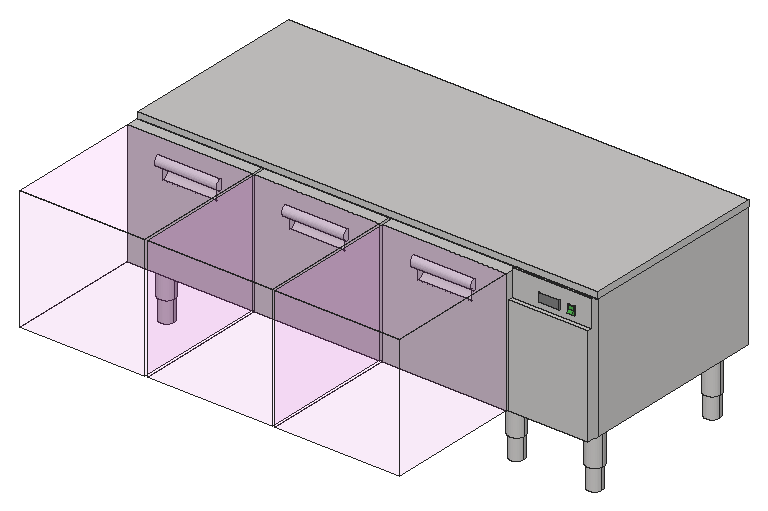
Revit family "QF_ZANUSSI_372292_Z7TTAECOMKN", category Specialty Equipment, Revit 2021 (continued)
Automatic sketch dimensions
  Split face 28 sketch curve to Split face 28 sketch curve = 31.959 mm
  Split face 28 sketch curve to Extrusion 4 = 82.208 mm
  Split face 28 sketch curve to Split face 28 sketch curve = 4 mm
  Split face 29 sketch curve to Extrusion 4 = 39 mm
  Split face 29 sketch curve to Split face 29 sketch curve = 0.02 mm  (x2)
  Split face 29 sketch curve to Split face 29 sketch curve = 31.959 mm
  Split face 29 sketch curve to Extrusion 4 = 94.208 mm
  Split face 29 sketch curve to Split face 29 sketch curve = 4 mm
  Split face 30 sketch curve to Extrusion 4 = 94 mm
  Split face 30 sketch curve to Split face 30 sketch curve = 0.02 mm  (x2)
  Split face 30 sketch curve to Split face 30 sketch curve = 31.959 mm
  Split face 30 sketch curve to Extrusion 4 = 118.896 mm
  Split face 30 sketch curve to Split face 30 sketch curve = 4 mm
  Split face 31 sketch curve to Extrusion 4 = 94 mm
  Split face 31 sketch curve to Split face 31 sketch curve = 0.02 mm  (x2)
  Split face 31 sketch curve to Split face 31 sketch curve = 31.959 mm
  Split face 31 sketch curve to Extrusion 4 = 106.896 mm
  Split face 31 sketch curve to Split face 31 sketch curve = 4 mm
  Split face 32 sketch curve to Extrusion 4 = 94 mm
  Split face 32 sketch curve to Split face 32 sketch curve = 0.02 mm  (x2)
  Split face 32 sketch curve to Split face 32 sketch curve = 31.959 mm
  Split face 32 sketch curve to Extrusion 4 = 94.897 mm
  Split face 32 sketch curve to Split face 32 sketch curve = 4 mm
  Split face 33 sketch curve to Extrusion 4 = 94 mm
  Split face 33 sketch curve to Split face 33 sketch curve = 0.02 mm  (x2)
  Split face 33 sketch curve to Split face 33 sketch curve = 31.959 mm
  Split face 33 sketch curve to Extrusion 4 = 82.999 mm
  Split face 33 sketch curve to Split face 33 sketch curve = 4 mm
  Split face 34 sketch curve to Extrusion 4 = 94 mm
  Split face 34 sketch curve to Split face 34 sketch curve = 0.02 mm  (x2)
  Split face 34 sketch curve to Split face 34 sketch curve = 31.959 mm
  Split face 34 sketch curve to Extrusion 4 = 71 mm
  Split face 34 sketch curve to Split face 34 sketch curve = 4 mm
  Split face 35 sketch curve to Extrusion 4 = 94 mm
  Split face 35 sketch curve to Split face 35 sketch curve = 0.02 mm  (x2)
  Split face 35 sketch curve to Split face 35 sketch curve = 31.959 mm
  Split face 35 sketch curve to Extrusion 4 = 59 mm
  Split face 35 sketch curve to Split face 35 sketch curve = 4 mm
  Split face 36 sketch curve to Extrusion 4 = 94 mm
  Split face 36 sketch curve to Split face 36 sketch curve = 0.02 mm  (x2)
  Split face 36 sketch curve to Split face 36 sketch curve = 31.959 mm
  Split face 36 sketch curve to Extrusion 4 = 47 mm
  Split face 36 sketch curve to Split face 36 sketch curve = 4 mm
  Split face 37 sketch curve to Extrusion 4 = 31 mm
  Split face 37 sketch curve to Extrusion 4 = 94 mm
  Split face 37 sketch curve to Split face 37 sketch curve = 0.02 mm  (x2)
  Split face 37 sketch curve to Split face 37 sketch curve = 31.959 mm
  Split face 37 sketch curve to Split face 37 sketch curve = 4 mm
  Split face 38 sketch curve to Extrusion 4 = 19 mm
  Split face 38 sketch curve to Extrusion 4 = 94 mm
  Split face 38 sketch curve to Split face 38 sketch curve = 0.02 mm  (x2)
  Split face 38 sketch curve to Split face 38 sketch curve = 31.959 mm
  Split face 38 sketch curve to Split face 38 sketch curve = 4 mm
  Split face 39 sketch curve to Extrusion 4 = 94 mm
  Split face 39 sketch curve to Split face 39 sketch curve = 0.02 mm  (x2)
  Split face 39 sketch curve to Split face 39 sketch curve = 31.959 mm
  Split face 39 sketch curve to Extrusion 4 = 130.896 mm
  Split face 39 sketch curve to Split face 39 sketch curve = 4 mm
  Split face 40 sketch curve to Extrusion 4 = 94 mm
  Split face 40 sketch curve to Split face 40 sketch curve = 0.02 mm  (x2)
  Split face 40 sketch curve to Split face 40 sketch curve = 31.959 mm
  Split face 40 sketch curve to Extrusion 4 = 118.208 mm
  Split face 40 sketch curve to Split face 40 sketch curve = 4 mm
  Split face 41 sketch curve to Extrusion 4 = 94 mm
  Split face 41 sketch curve to Split face 41 sketch curve = 0.02 mm  (x2)
  Split face 41 sketch curve to Split face 41 sketch curve = 31.959 mm
  Split face 41 sketch curve to Extrusion 4 = 130.208 mm
  Split face 41 sketch curve to Split face 41 sketch curve = 4 mm
  Split face 42 sketch curve to Extrusion 4 = 94 mm
  Split face 42 sketch curve to Split face 42 sketch curve = 0.02 mm  (x2)
  Split face 42 sketch curve to Split face 42 sketch curve = 31.959 mm
  Split face 42 sketch curve to Extrusion 4 = 142.208 mm
  Split face 42 sketch curve to Split face 42 sketch curve = 4 mm
  Split face 43 sketch curve to Extrusion 4 = 94 mm
  Split face 43 sketch curve to Split face 43 sketch curve = 0.02 mm  (x2)
  Split face 43 sketch curve to Split face 43 sketch curve = 31.959 mm
  Split face 43 sketch curve to Extrusion 4 = 154.896 mm
  Split face 43 sketch curve to Split face 43 sketch curve = 4 mm
  Split face 44 sketch curve to Extrusion 4 = 94 mm
  Split face 44 sketch curve to Split face 44 sketch curve = 0.02 mm  (x2)
  Split face 44 sketch curve to Split face 44 sketch curve = 31.959 mm
  Split face 44 sketch curve to Extrusion 4 = 142.896 mm
  Split face 44 sketch curve to Split face 44 sketch curve = 4 mm
  Split face 45 sketch curve to Extrusion 4 = 94 mm
  Split face 45 sketch curve to Split face 45 sketch curve = 0.02 mm  (x2)
  Split face 45 sketch curve to Split face 45 sketch curve = 31.959 mm
  Split face 45 sketch curve to Extrusion 4 = 106.208 mm
  Split face 45 sketch curve to Split face 45 sketch curve = 4 mm
  Split face 46 sketch curve to Extrusion 4 = 14.312 mm
  Split face 46 sketch curve to Extrusion 4 = 94 mm
  Split face 46 sketch curve to Split face 46 sketch curve = 0.02 mm  (x2)
  Split face 46 sketch curve to Extrusion 4 = 10.312 mm
  Split face 46 sketch curve to Split face 46 sketch curve = 31.959 mm
  Split face 47 sketch curve to Extrusion 4 = 26.312 mm
  Split face 47 sketch curve to Extrusion 4 = 94 mm
  Split face 47 sketch curve to Split face 47 sketch curve = 0.02 mm  (x2)
  Split face 47 sketch curve to Split face 47 sketch curve = 31.959 mm
  Split face 47 sketch curve to Split face 47 sketch curve = 4 mm
  Split face 48 sketch curve to Extrusion 4 = 38.311 mm
  Split face 48 sketch curve to Extrusion 4 = 94 mm
  Split face 48 sketch curve to Split face 48 sketch curve = 0.02 mm  (x2)
  Split face 48 sketch curve to Split face 48 sketch curve = 31.959 mm
  Split face 48 sketch curve to Split face 48 sketch curve = 4 mm
  Split face 49 sketch curve to Extrusion 4 = 94 mm
  Split face 49 sketch curve to Split face 49 sketch curve = 0.02 mm  (x2)
  Split face 49 sketch curve to Split face 49 sketch curve = 31.959 mm
  Split face 49 sketch curve to Extrusion 4 = 46.209 mm
  Split face 49 sketch curve to Split face 49 sketch curve = 4 mm
  Split face 50 sketch curve to Extrusion 4 = 94 mm
  Split face 50 sketch curve to Split face 50 sketch curve = 0.02 mm  (x2)
  Split face 50 sketch curve to Split face 50 sketch curve = 31.959 mm
  Split face 50 sketch curve to Extrusion 4 = 58.208 mm
  Split face 50 sketch curve to Split face 50 sketch curve = 4 mm
  Split face 51 sketch curve to Extrusion 4 = 94 mm
  Split face 51 sketch curve to Split face 51 sketch curve = 0.02 mm  (x2)
  Split face 51 sketch curve to Split face 51 sketch curve = 31.959 mm
  Split face 51 sketch curve to Extrusion 4 = 70.208 mm
  Split face 51 sketch curve to Split face 51 sketch curve = 4 mm
  Split face 52 sketch curve to Extrusion 4 = 94 mm
  Split face 52 sketch curve to Split face 52 sketch curve = 0.02 mm  (x2)
  Split face 52 sketch curve to Split face 52 sketch curve = 31.959 mm
  Split face 52 sketch curve to Extrusion 4 = 82.208 mm
  Split face 52 sketch curve to Split face 52 sketch curve = 4 mm
  Split face 53 sketch curve to Extrusion 4 = 94 mm
  Split face 53 sketch curve to Split face 53 sketch curve = 0.02 mm  (x2)
  Split face 53 sketch curve to Split face 53 sketch curve = 31.959 mm
  Split face 53 sketch curve to Extrusion 4 = 94.208 mm
  Split face 53 sketch curve to Split face 53 sketch curve = 4 mm
  Split face 54 sketch curve to Extrusion 4 = 149 mm
  Split face 54 sketch curve to Split face 54 sketch curve = 0.02 mm  (x2)
  Split face 54 sketch curve to Split face 54 sketch curve = 31.959 mm
  Split face 54 sketch curve to Extrusion 4 = 118.896 mm
  Split face 54 sketch curve to Split face 54 sketch curve = 4 mm
  Split face 55 sketch curve to Extrusion 4 = 149 mm
  Split face 55 sketch curve to Split face 55 sketch curve = 0.02 mm  (x2)
  Split face 55 sketch curve to Split face 55 sketch curve = 31.959 mm
  Split face 55 sketch curve to Extrusion 4 = 106.896 mm
  Split face 55 sketch curve to Split face 55 sketch curve = 4 mm
  Split face 56 sketch curve to Extrusion 4 = 149 mm
  Split face 56 sketch curve to Split face 56 sketch curve = 0.02 mm  (x2)
  Split face 56 sketch curve to Split face 56 sketch curve = 31.959 mm
  Split face 56 sketch curve to Extrusion 4 = 94.897 mm
  Split face 56 sketch curve to Split face 56 sketch curve = 4 mm
  Split face 57 sketch curve to Extrusion 4 = 149 mm
  Split face 57 sketch curve to Split face 57 sketch curve = 0.02 mm  (x2)
  Split face 57 sketch curve to Split face 57 sketch curve = 31.959 mm
  Split face 57 sketch curve to Extrusion 4 = 82.999 mm
  Split face 57 sketch curve to Split face 57 sketch curve = 4 mm
  Split face 58 sketch curve to Extrusion 4 = 67 mm
  Split face 58 sketch curve to Extrusion 4 = 149 mm
  Split face 58 sketch curve to Split face 58 sketch curve = 0.02 mm  (x2)
  Split face 58 sketch curve to Split face 58 sketch curve = 31.959 mm
  Split face 58 sketch curve to Split face 58 sketch curve = 4 mm
  Split face 59 sketch curve to Extrusion 4 = 55 mm
  Split face 59 sketch curve to Extrusion 4 = 149 mm
  Split face 59 sketch curve to Split face 59 sketch curve = 0.02 mm  (x2)
  Split face 59 sketch curve to Split face 59 sketch curve = 31.959 mm
  Split face 59 sketch curve to Split face 59 sketch curve = 4 mm
  Split face 60 sketch curve to Extrusion 4 = 43 mm
  Split face 60 sketch curve to Extrusion 4 = 149 mm
  Split face 60 sketch curve to Split face 60 sketch curve = 0.02 mm  (x2)
  Split face 60 sketch curve to Split face 60 sketch curve = 31.959 mm
  Split face 60 sketch curve to Split face 60 sketch curve = 4 mm
  Split face 61 sketch curve to Extrusion 4 = 31 mm
  Split face 61 sketch curve to Extrusion 4 = 149 mm
  Split face 61 sketch curve to Split face 61 sketch curve = 0.02 mm  (x2)
  Split face 61 sketch curve to Split face 61 sketch curve = 31.959 mm
  Split face 61 sketch curve to Split face 61 sketch curve = 4 mm
  Split face 62 sketch curve to Extrusion 4 = 19 mm
  Split face 62 sketch curve to Extrusion 4 = 149 mm
  Split face 62 sketch curve to Split face 62 sketch curve = 0.02 mm  (x2)
  Split face 62 sketch curve to Split face 62 sketch curve = 31.959 mm
  Split face 62 sketch curve to Split face 62 sketch curve = 4 mm
  Split face 63 sketch curve to Extrusion 4 = 149 mm
  Split face 63 sketch curve to Split face 63 sketch curve = 0.02 mm  (x2)
  Split face 63 sketch curve to Split face 63 sketch curve = 31.959 mm
  Split face 63 sketch curve to Extrusion 4 = 130.896 mm
  Split face 63 sketch curve to Split face 63 sketch curve = 4 mm
  Split face 64 sketch curve to Extrusion 4 = 149 mm
  Split face 64 sketch curve to Split face 64 sketch curve = 0.02 mm  (x2)
  Split face 64 sketch curve to Split face 64 sketch curve = 31.959 mm
  Split face 64 sketch curve to Extrusion 4 = 118.208 mm
  Split face 64 sketch curve to Split face 64 sketch curve = 4 mm
  Split face 65 sketch curve to Extrusion 4 = 149 mm
  Split face 65 sketch curve to Split face 65 sketch curve = 0.02 mm  (x2)
  Split face 65 sketch curve to Split face 65 sketch curve = 31.959 mm
  Split face 65 sketch curve to Extrusion 4 = 130.208 mm
  Split face 65 sketch curve to Split face 65 sketch curve = 4 mm
  Split face 66 sketch curve to Extrusion 4 = 149 mm
  Split face 66 sketch curve to Split face 66 sketch curve = 0.02 mm  (x2)
  Split face 66 sketch curve to Split face 66 sketch curve = 31.959 mm
  Split face 66 sketch curve to Extrusion 4 = 142.208 mm
  Split face 66 sketch curve to Split face 66 sketch curve = 4 mm
  Split face 67 sketch curve to Extrusion 4 = 149 mm
  Split face 67 sketch curve to Split face 67 sketch curve = 0.02 mm  (x2)
  Split face 67 sketch curve to Split face 67 sketch curve = 31.959 mm
  Split face 67 sketch curve to Extrusion 4 = 154.896 mm
  Split face 67 sketch curve to Split face 67 sketch curve = 4 mm
  Split face 68 sketch curve to Extrusion 4 = 149 mm
  Split face 68 sketch curve to Split face 68 sketch curve = 0.02 mm  (x2)
  Split face 68 sketch curve to Split face 68 sketch curve = 31.959 mm
  Split face 68 sketch curve to Extrusion 4 = 142.896 mm
  Split face 68 sketch curve to Split face 68 sketch curve = 4 mm
  Split face 69 sketch curve to Extrusion 4 = 149 mm
  Split face 69 sketch curve to Split face 69 sketch curve = 0.02 mm  (x2)
  Split face 69 sketch curve to Split face 69 sketch curve = 31.959 mm
  Split face 69 sketch curve to Extrusion 4 = 106.208 mm
  Split face 69 sketch curve to Split face 69 sketch curve = 4 mm
  Split face 70 sketch curve to Extrusion 4 = 14.312 mm
  Split face 70 sketch curve to Extrusion 4 = 149 mm
  Split face 70 sketch curve to Split face 70 sketch curve = 0.02 mm  (x2)
  Split face 70 sketch curve to Extrusion 4 = 10.312 mm
  Split face 70 sketch curve to Split face 70 sketch curve = 31.959 mm
  Split face 71 sketch curve to Extrusion 4 = 26.312 mm
  Split face 71 sketch curve to Extrusion 4 = 149 mm
  Split face 71 sketch curve to Split face 71 sketch curve = 0.02 mm  (x2)
  Split face 71 sketch curve to Split face 71 sketch curve = 31.959 mm
  Split face 71 sketch curve to Split face 71 sketch curve = 4 mm
  Split face 72 sketch curve to Extrusion 4 = 38.311 mm
  Split face 72 sketch curve to Extrusion 4 = 149 mm
  Split face 72 sketch curve to Split face 72 sketch curve = 0.02 mm  (x2)
  Split face 72 sketch curve to Split face 72 sketch curve = 31.959 mm
  Split face 72 sketch curve to Split face 72 sketch curve = 4 mm
  Split face 73 sketch curve to Extrusion 4 = 50.209 mm
  Split face 73 sketch curve to Extrusion 4 = 149 mm
  Split face 73 sketch curve to Split face 73 sketch curve = 0.02 mm  (x2)
  Split face 73 sketch curve to Split face 73 sketch curve = 31.959 mm
  Split face 73 sketch curve to Split face 73 sketch curve = 4 mm
  Split face 74 sketch curve to Extrusion 4 = 62.208 mm
  Split face 74 sketch curve to Extrusion 4 = 149 mm
  Split face 74 sketch curve to Split face 74 sketch curve = 0.02 mm  (x2)
  Split face 74 sketch curve to Split face 74 sketch curve = 31.959 mm
  Split face 74 sketch curve to Split face 74 sketch curve = 4 mm
  Split face 75 sketch curve to Extrusion 4 = 149 mm
  Split face 75 sketch curve to Split face 75 sketch curve = 0.02 mm  (x2)
  Split face 75 sketch curve to Split face 75 sketch curve = 31.959 mm
  Split face 75 sketch curve to Extrusion 4 = 70.208 mm
  Split face 75 sketch curve to Split face 75 sketch curve = 4 mm
  Split face 76 sketch curve to Extrusion 4 = 149 mm
  Split face 76 sketch curve to Split face 76 sketch curve = 0.02 mm  (x2)
  Split face 76 sketch curve to Split face 76 sketch curve = 31.959 mm
  Split face 76 sketch curve to Extrusion 4 = 82.208 mm
  Split face 76 sketch curve to Split face 76 sketch curve = 4 mm
  Split face 77 sketch curve to Extrusion 4 = 149 mm
  Split face 77 sketch curve to Split face 77 sketch curve = 0.02 mm  (x2)
  Split face 77 sketch curve to Split face 77 sketch curve = 31.959 mm
  Split face 77 sketch curve to Extrusion 4 = 94.208 mm
  Split face 77 sketch curve to Split face 77 sketch curve = 4 mm
  Split face 78 sketch curve to Extrusion 4 = 71 mm
  Split face 78 sketch curve to Split face 78 sketch curve = 0.02 mm  (x2)
  Split face 78 sketch curve to Extrusion 4 = 39.021 mm
  Split face 78 sketch curve to Extrusion 4 = 118.896 mm
  Split face 78 sketch curve to Split face 78 sketch curve = 4 mm
  Split face 79 sketch curve to Extrusion 4 = 71 mm
  Split face 79 sketch curve to Split face 79 sketch curve = 0.02 mm  (x2)
  Split face 79 sketch curve to Extrusion 4 = 39.021 mm
  Split face 79 sketch curve to Extrusion 4 = 106.896 mm
  Split face 79 sketch curve to Split face 79 sketch curve = 4 mm
  Split face 80 sketch curve to Extrusion 4 = 71 mm
  Split face 80 sketch curve to Split face 80 sketch curve = 0.02 mm  (x2)
  Split face 80 sketch curve to Extrusion 4 = 39.021 mm
  Split face 80 sketch curve to Extrusion 4 = 94.897 mm
  Split face 80 sketch curve to Split face 80 sketch curve = 4 mm
  Split face 81 sketch curve to Extrusion 4 = 71 mm
  Split face 81 sketch curve to Split face 81 sketch curve = 0.02 mm  (x2)
  Split face 81 sketch curve to Extrusion 4 = 39.021 mm
  Split face 81 sketch curve to Extrusion 4 = 82.999 mm
  Split face 81 sketch curve to Split face 81 sketch curve = 4 mm
  Split face 82 sketch curve to Extrusion 4 = 71 mm  (x2)
  Split face 82 sketch curve to Split face 82 sketch curve = 0.02 mm  (x2)
  Split face 82 sketch curve to Extrusion 4 = 39.021 mm
  Split face 82 sketch curve to Split face 82 sketch curve = 4 mm
  Split face 83 sketch curve to Extrusion 4 = 71 mm
  Split face 83 sketch curve to Split face 83 sketch curve = 0.02 mm  (x2)
  Split face 83 sketch curve to Extrusion 4 = 39.021 mm
  Split face 83 sketch curve to Extrusion 4 = 59 mm
  Split face 83 sketch curve to Split face 83 sketch curve = 4 mm
  Split face 84 sketch curve to Extrusion 4 = 71 mm
  Split face 84 sketch curve to Split face 84 sketch curve = 0.02 mm  (x2)
  Split face 84 sketch curve to Extrusion 4 = 39.021 mm
  Split face 84 sketch curve to Extrusion 4 = 47 mm
  Split face 84 sketch curve to Split face 84 sketch curve = 4 mm
  Split face 85 sketch curve to Extrusion 4 = 31 mm
  Split face 85 sketch curve to Extrusion 4 = 71 mm
  Split face 85 sketch curve to Split face 85 sketch curve = 0.02 mm  (x2)
  Split face 85 sketch curve to Extrusion 4 = 39.021 mm
  Split face 85 sketch curve to Split face 85 sketch curve = 4 mm
  Split face 86 sketch curve to Extrusion 4 = 19 mm
  Split face 86 sketch curve to Extrusion 4 = 71 mm
  Split face 86 sketch curve to Split face 86 sketch curve = 0.02 mm  (x2)
  Split face 86 sketch curve to Extrusion 4 = 39.021 mm
  Split face 86 sketch curve to Split face 86 sketch curve = 4 mm
  Split face 87 sketch curve to Extrusion 4 = 71 mm
  Split face 87 sketch curve to Split face 87 sketch curve = 0.02 mm  (x2)
  Split face 87 sketch curve to Extrusion 4 = 39.021 mm
  Split face 87 sketch curve to Extrusion 4 = 130.896 mm
  Split face 87 sketch curve to Split face 87 sketch curve = 4 mm
  Split face 88 sketch curve to Extrusion 4 = 71 mm
  Split face 88 sketch curve to Split face 88 sketch curve = 0.02 mm  (x2)
  Split face 88 sketch curve to Extrusion 4 = 39.021 mm
  Split face 88 sketch curve to Extrusion 4 = 118.208 mm
  Split face 88 sketch curve to Split face 88 sketch curve = 4 mm
  Split face 89 sketch curve to Extrusion 4 = 71 mm
  Split face 89 sketch curve to Split face 89 sketch curve = 0.02 mm  (x2)
  Split face 89 sketch curve to Extrusion 4 = 39.021 mm
  Split face 89 sketch curve to Extrusion 4 = 130.208 mm
  Split face 89 sketch curve to Split face 89 sketch curve = 4 mm
  Split face 90 sketch curve to Extrusion 4 = 71 mm
  Split face 90 sketch curve to Split face 90 sketch curve = 0.02 mm  (x2)
  Split face 90 sketch curve to Extrusion 4 = 39.021 mm
  Split face 90 sketch curve to Extrusion 4 = 142.208 mm
  Split face 90 sketch curve to Split face 90 sketch curve = 4 mm
  Split face 91 sketch curve to Extrusion 4 = 71 mm
  Split face 91 sketch curve to Split face 91 sketch curve = 0.02 mm  (x2)
  Split face 91 sketch curve to Extrusion 4 = 39.021 mm
  Split face 91 sketch curve to Extrusion 4 = 154.896 mm
  Split face 91 sketch curve to Split face 91 sketch curve = 4 mm
  Split face 92 sketch curve to Extrusion 4 = 71 mm
  Split face 92 sketch curve to Split face 92 sketch curve = 0.02 mm  (x2)
  Split face 92 sketch curve to Extrusion 4 = 39.021 mm
  Split face 92 sketch curve to Extrusion 4 = 142.896 mm
  Split face 92 sketch curve to Split face 92 sketch curve = 4 mm
  Split face 93 sketch curve to Extrusion 4 = 71 mm
  Split face 93 sketch curve to Split face 93 sketch curve = 0.02 mm  (x2)
  Split face 93 sketch curve to Extrusion 4 = 39.021 mm
  Split face 93 sketch curve to Extrusion 4 = 106.208 mm
  Split face 93 sketch curve to Split face 93 sketch curve = 4 mm
  Split face 94 sketch curve to Extrusion 4 = 14.312 mm
  Split face 94 sketch curve to Extrusion 4 = 71 mm
  Split face 94 sketch curve to Split face 94 sketch curve = 0.02 mm  (x2)
  Split face 94 sketch curve to Extrusion 4 = 39.021 mm
  Split face 94 sketch curve to Split face 94 sketch curve = 4 mm
  Split face 95 sketch curve to Extrusion 4 = 26.312 mm
  Split face 95 sketch curve to Extrusion 4 = 71 mm
  Split face 95 sketch curve to Split face 95 sketch curve = 0.02 mm  (x2)
  Split face 95 sketch curve to Extrusion 4 = 39.021 mm
  Split face 95 sketch curve to Split face 95 sketch curve = 4 mm
  Split face 96 sketch curve to Extrusion 4 = 71 mm
  Split face 96 sketch curve to Split face 96 sketch curve = 0.02 mm  (x2)
  Split face 96 sketch curve to Extrusion 4 = 39.021 mm
  Split face 96 sketch curve to Extrusion 4 = 34.312 mm
  Split face 96 sketch curve to Split face 96 sketch curve = 4 mm
  Split face 97 sketch curve to Extrusion 4 = 71 mm
  Split face 97 sketch curve to Split face 97 sketch curve = 0.02 mm  (x2)
  Split face 97 sketch curve to Extrusion 4 = 39.021 mm
  Split face 97 sketch curve to Extrusion 4 = 46.209 mm
  Split face 97 sketch curve to Split face 97 sketch curve = 4 mm
  Split face 98 sketch curve to Extrusion 4 = 71 mm
  Split face 98 sketch curve to Split face 98 sketch curve = 0.02 mm  (x2)
  Split face 98 sketch curve to Extrusion 4 = 39.021 mm
  Split face 98 sketch curve to Extrusion 4 = 58.208 mm
  Split face 98 sketch curve to Split face 98 sketch curve = 4 mm
  Split face 99 sketch curve to Extrusion 4 = 71 mm
  Split face 99 sketch curve to Split face 99 sketch curve = 0.02 mm  (x2)
  Split face 99 sketch curve to Extrusion 4 = 39.021 mm
  Split face 99 sketch curve to Extrusion 4 = 70.208 mm
  Split face 99 sketch curve to Split face 99 sketch curve = 4 mm
  Split face 100 sketch curve to Extrusion 4 = 71 mm
  Split face 100 sketch curve to Split face 100 sketch curve = 0.02 mm  (x2)
  Split face 100 sketch curve to Extrusion 4 = 39.021 mm
  Split face 100 sketch curve to Extrusion 4 = 82.208 mm
  Split face 100 sketch curve to Split face 100 sketch curve = 4 mm
  Split face 101 sketch curve to Extrusion 4 = 71 mm
  Split face 101 sketch curve to Split face 101 sketch curve = 0.02 mm  (x2)
  Split face 101 sketch curve to Extrusion 4 = 39.021 mm
  Split face 101 sketch curve to Extrusion 4 = 94.208 mm
  Split face 101 sketch curve to Split face 101 sketch curve = 4 mm
  Extrusion 14 sketch curve to plane 7 "FRONT" = 0 mm  (x3)
  Extrusion 14 sketch curve to plane 13 "TOP" = 90.566 mm
  Extrusion 14 sketch curve to Extrusion 14 sketch curve = 8.275 mm
  Extrusion 15 sketch curve to plane 7 "FRONT" = 0 mm
  Extrusion 15 sketch curve to plane 7 "FRONT" = 2.777 mm
  plane 7 "FRONT" to Extrusion 15 sketch curve = 21.853 mm
  Extrusion 15 sketch curve to plane 11 = 4.5 mm
  Extrusion 15 sketch curve to plane 13 "TOP" = 128.294 mm
  Extrusion 15 sketch curve to Extrusion 15 sketch curve = 18.821 mm
  plane 14 "LEFT" to Extrusion 12 sketch curve = 1 mm
  Extrusion 12 sketch curve to plane 13 "TOP" = 0.8 mm  (x3)
  Extrusion 12 sketch curve to plane 3 "Centro (Sinistra/Destra)" = 364.999 mm
  plane 12 to Extrusion 12 sketch curve = 1.587 mm  (x3)
  Extrusion 12 sketch curve to Extrusion 12 sketch curve = 7.999 mm  (x2)
  plane 3 "Centro (Sinistra/Destra)" to Extrusion 12 sketch curve = 77.001 mm
  plane 12 to Extrusion 13 sketch curve = 1.587 mm  (x3)
  Extrusion 13 sketch curve to Extrusion 13 sketch curve = 186.601 mm
  plane 3 "Centro (Sinistra/Destra)" to Extrusion 13 sketch curve = 85 mm
  Extrusion 13 sketch curve to Extrusion 13 sketch curve = 7.999 mm  (x2)
  Extrusion 13 sketch curve to plane 3 "Centro (Sinistra/Destra)" = 46.699 mm
  Extrusion 13 sketch curve to plane 13 "TOP" = 85 mm
  Extrusion 13 sketch curve to Extrusion 13 sketch curve = 190.601 mm
  Extrusion 13 sketch curve to Extrusion 13 sketch curve = 119.7 mm
  Extrusion 13 sketch curve to plane 13 "TOP" = 0.8 mm  (x3)
  Extrusion 13 sketch curve to Extrusion 13 sketch curve = 123.7 mm  (x2)
  plane 9 to Extrusion 13 sketch curve = 64.7 mm
  plane 14 "LEFT" to Extrusion 13 sketch curve = 1 mm
  Extrusion 13 sketch curve to plane 13 "TOP" = 128.294 mm  (x2)
  Extrusion 13 sketch curve to Extrusion 13 sketch curve = 43.294 mm  (x3)
  Extrusion 12 sketch curve to plane 10 = 225 mm
  Extrusion 13 sketch curve to plane 10 = 225 mm
  curve 2 to plane 6 "BACK" = 0 mm
  curve 6 to plane 7 "FRONT" = 0 mm
  curve 17 to plane 7 "FRONT" = 0 mm
  curve 37 to plane 8 = 0 mm
  curve 33 to plane 8 = 0 mm
  curve 19 to plane 7 "FRONT" = 0 mm
  curve 47 to plane 8 = 0 mm
  curve 43 to plane 7 "FRONT" = 0 mm
  curve 1 to plane 11 = 0 mm
  curve 2 to plane 15 "RIGHT" = 1 mm
  curve 12 to plane 10 = 3.1 mm
  curve 9 to plane 10 = 5.1 mm
  plane 7 "FRONT" to curve 10 = 7.415 mm
  curve 9 to curve 10 = 18 mm
  curve 11 to curve 26 = 2 mm
  plane 7 "FRONT" to curve 13 = 14.8 mm
  curve 12 to curve 13 = 32 mm
  curve 13 to curve 13 = 70 mm
  plane 16 to curve 7 = 52 mm
  curve 14 to curve 17 = 5 mm
  curve 29 to plane 7 "FRONT" = 17.78 mm
  curve 29 to plane 16 = 64.5 mm
  plane 3 "Centro (Sinistra/Destra)" to curve 20 = 196.5 mm
  plane 3 "Centro (Sinistra/Destra)" to curve 25 = 85 mm
  curve 16 to curve 39 = 7.999 mm
  curve 22 to plane 3 "Centro (Sinistra/Destra)" = 34.5 mm
  curve 32 to plane 3 "Centro (Sinistra/Destra)" = 357 mm
  curve 23 to curve 49 = 7.999 mm
  curve 44 to plane 7 "FRONT" = 17.78 mm
  curve 40 to curve 44 = 111.501 mm
  plane 14 "LEFT" to curve 1 = 1 mm
  plane 14 "LEFT" to curve 42 = 1 mm
  curve 40 to plane 11 = 4.499 mm
  curve 39 to plane 11 = 4.499 mm
  curve 18 to plane 11 = 4.499 mm
  curve 27 to curve 9 = 7.385 mm
  curve 22 to curve 28 = 17.78 mm
  curve 28 to curve 23 = 107.5 mm
  plane 9 to curve 44 = 52.5 mm
  curve 14 to plane 11 = 5.442 mm
  curve 14 to curve 15 = 11.321 mm
  curve 30 to curve 13 = 1.6 mm
  radius of Extrusion 2 sketch curve = 12 mm
Nested families
  nested 1: "Foot_Ø50_H200" at (-944, 194.95, 0), type "Foot_Ø50_H200"
  nested 2: "Foot_Ø50_H200" at (-944, -315.05, 0), type "Foot_Ø50_H200"
  nested 3: "Foot_Ø50_H200" at (272, -315.05, 0), type "Foot_Ø50_H200"
  nested 4: "Foot_Ø50_H200" at (272, 194.95, 0), type "Foot_Ø50_H200"
  nested 5: "Foot_Ø50_H200" at (544, 194.95, 0), type "Foot_Ø50_H200"
  nested 6: "Foot_Ø50_H200" at (544, -315.05, 0), type "Foot_Ø50_H200"
Connectors
  electrical at (559, 122.95, 190), driven by "Volts"
    settings: on Extrusion 2, index 2, voltage 220 V, apparent load 0 VA, apparent load phase1 0 VA, apparent load phase2 0 VA, apparent load phase3 0 VA, power factor 1, load classification "Altro", number of poles 1, system type 30, power factor state 1, is connector primary yes, connector utility no, sub classification motor no, connector description "Electrical Connection"
Definition of nested family "Foot_Ø50_H200"
  Parameters
    Default Elevation = 0 mm
  Reference planes
    plane 1 "Centro (Fronte/Retro)": y = 0
    plane 2: z = 0
    plane 3 "Centro (Sinistra/Destra)": x = 0
    plane 4: z = 200
  Forms (mm)
    Revolve 1, solid
      sketch origin (255.05, 0, 608.09) x (0, 0, 1) y (-1, 0, 0)
        loop
          line (-608.09, 255.05) -> (-608.09, 230.05) -> (-533.09, 230.05) -> (-533.09, 226.05) -> (-408.09, 226.05) -> (-408.09, 255.05) -> (-608.09, 255.05)
        axis (-608.09, 255.05) -> (-408.09, 255.05)
      angle from 0 to 360
  Dimensions and locks
    locked: Revolve 1 sketch curve to Revolve 1 sketch curve at 125
    aligned and locked: level to plane 2
    aligned and locked: plane 4 to Revolve 1 sketch curve
    aligned and locked: Revolve 1 sketch curve to level
    aligned and locked: plane 3 "Centro (Sinistra/Destra)" to Revolve 1 sketch curve
